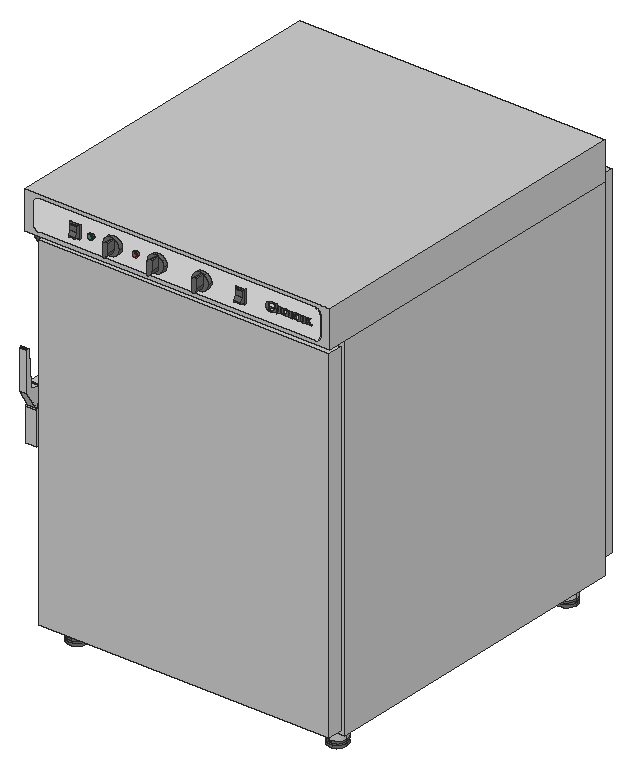
Revit family "QF_GIORIK_GR1021M_GR1021P", category Specialty Equipment, Revit 2014 (continued)
Automatic sketch dimensions
  Extrusion 42 sketch curve to Extrusion 42 sketch curve = 2.312 mm  (x2)
  Revolve 43 sketch curve to plane 8 "Front oven" = 0 mm  (x2)
  Revolve 43 sketch curve to plane 8 "Front oven" = 10.71 mm
  Revolve 43 sketch curve to Revolve 43 sketch curve = 0.186 mm
  Revolve 43 sketch curve to Revolve 43 sketch curve = 0.742 mm
  Revolve 43 sketch curve to Revolve 43 sketch curve = 3.081 mm
  Revolve 43 sketch curve to Revolve 43 sketch curve = 0.935 mm
  Revolve 43 sketch curve to Revolve 43 sketch curve = 8.362 mm
  plane 8 "Front oven" to Revolve 43 sketch curve = 46.511 mm
  Revolve 43 sketch curve to plane 6 "Top" = 125.457 mm
  Revolve 43 sketch curve to Revolve 43 sketch curve = 4.746 mm
  Revolve 43 sketch curve to Revolve 43 sketch curve = 8.097 mm
  Revolve 43 sketch curve to Revolve 43 sketch curve = 1.816 mm
  Revolve 43 sketch curve to Revolve 43 sketch curve = 0.564 mm
  Revolve 43 sketch curve to Revolve 43 sketch curve = 6.145 mm
  Revolve 43 sketch curve to Revolve 43 sketch curve = 0.19 mm
  Revolve 43 sketch curve to Revolve 43 sketch curve = 0 mm  (x2)
  Extrusion 44 sketch curve to plane 6 "Top" = 43.954 mm
  plane 4 "Right" to Extrusion 44 sketch curve = 332.796 mm
  Extrusion 44 sketch curve to Extrusion 44 sketch curve = 0.004 mm
  Extrusion 44 sketch curve to Extrusion 44 sketch curve = 6.312 mm  (x2)
  Extrusion 44 sketch curve to Extrusion 44 sketch curve = 1.783 mm
  Extrusion 44 sketch curve to Extrusion 44 sketch curve = 8.091 mm
  Extrusion 44 sketch curve to Extrusion 44 sketch curve = 2.709 mm  (x2)
  Extrusion 44 sketch curve to Extrusion 44 sketch curve = 6.281 mm
  Extrusion 44 sketch curve to Extrusion 44 sketch curve = 13.077 mm  (x2)
  Extrusion 45 sketch curve to plane 6 "Top" = 49.804 mm
  plane 4 "Right" to Extrusion 45 sketch curve = 340 mm
  plane 6 "Top" to Extrusion 46 sketch curve = 67.5 mm
  Extrusion 46 sketch curve to plane 4 "Right" = 250 mm
  Extrusion 46 sketch curve to Extrusion 46 sketch curve = 25 mm
  plane 6 "Top" to Extrusion 46 sketch curve = 32.5 mm
  Extrusion 47 sketch curve to plane 5 "Front" = 12.435 mm
  Extrusion 47 sketch curve to Extrusion 47 sketch curve = 1.813 mm
  Extrusion 47 sketch curve to plane 5 "Front" = 7 mm
  Extrusion 47 sketch curve to plane 5 "Front" = 3 mm
  Extrusion 47 sketch curve to plane 6 "Top" = 35.5 mm
  Extrusion 47 sketch curve to Extrusion 47 sketch curve = 14.5 mm
  Extrusion 47 sketch curve to Extrusion 47 sketch curve = 11.655 mm
  Extrusion 47 sketch curve to Extrusion 47 sketch curve = 0.845 mm
  Sweep 48 sketch curve to plane 1 "Back" = 615.54 mm
  plane 1 "Back" to Sweep 48 sketch curve = 155 mm
  plane 4 "Right" to Sweep 48 sketch curve = 175 mm
  plane 4 "Right" to Sweep 48 sketch curve = 380.045 mm
  Sweep 48 sketch curve to profile plane = 0 mm
  Sweep 48 sketch curve to plane 7 "Legs height" = 14 mm
  Sweep 49 sketch curve to plane 7 "Legs height" = 9.526 mm
  plane 7 "Legs height" to Sweep 49 sketch curve = 0.474 mm
  Sweep 49 sketch curve to Sweep 49 sketch curve = 10 mm
  Sweep 49 sketch curve to Sweep 49 sketch curve = 4 mm
  profile plane to Sweep 49 sketch curve = 4.474 mm
  profile plane to Sweep 49 sketch curve = 390 mm
  Sweep 50 sketch curve to plane 1 "Back" = 623.977 mm
  plane 4 "Right" to Sweep 50 sketch curve = 371.6 mm
  Sweep 50 sketch curve to Sweep 50 sketch curve = 27.406 mm
  Sweep 50 sketch curve to Sweep 50 sketch curve = 12.202 mm
  Sweep 50 sketch curve to profile plane = 0 mm
  Sweep 50 sketch curve to plane 7 "Legs height" = 14 mm
  plane 1 "Back" to Sweep 51 sketch curve = 89.938 mm
  Sweep 51 sketch curve to plane 6 "Top" = 55.782 mm
  Sweep 51 sketch curve to Sweep 51 sketch curve = 19.754 mm
  Sweep 51 sketch curve to Sweep 51 sketch curve = 3.129 mm
  Sweep 51 sketch curve to profile plane = 0 mm
  plane 3 "Left" to Sweep 51 sketch curve = 160 mm
  Extrusion 52 sketch curve to Extrusion 52 sketch curve = 0 mm  (x22)
  Extrusion 52 sketch curve to plane 6 "Top" = 44.5 mm
  plane 3 "Left" to Extrusion 52 sketch curve = 305 mm
  Extrusion 52 sketch curve to Extrusion 52 sketch curve = 2 mm  (x34)
  Extrusion 52 sketch curve to Extrusion 52 sketch curve = 1.474 mm
  Extrusion 52 sketch curve to Extrusion 52 sketch curve = 2.248 mm
  Extrusion 52 sketch curve to Extrusion 52 sketch curve = 2.335 mm  (x2)
  Extrusion 52 sketch curve to Extrusion 52 sketch curve = 1.658 mm  (x2)
  Extrusion 52 sketch curve to Extrusion 52 sketch curve = 2.455 mm
  Extrusion 52 sketch curve to Extrusion 52 sketch curve = 1.267 mm
  Extrusion 52 sketch curve to Extrusion 52 sketch curve = 2.654 mm
  Extrusion 52 sketch curve to plane 6 "Top" = 37.855 mm
  Extrusion 52 sketch curve to Extrusion 52 sketch curve = 2.67 mm
  Extrusion 52 sketch curve to plane 6 "Top" = 36.636 mm
  Extrusion 52 sketch curve to Extrusion 52 sketch curve = 1.218 mm
  Extrusion 52 sketch curve to Extrusion 52 sketch curve = 9.006 mm
  Extrusion 52 sketch curve to plane 6 "Top" = 41.986 mm
  Extrusion 52 sketch curve to Extrusion 52 sketch curve = 4.131 mm
  Extrusion 52 sketch curve to Extrusion 52 sketch curve = 0.927 mm
  Extrusion 52 sketch curve to Extrusion 52 sketch curve = 0.609 mm  (x2)
  Extrusion 52 sketch curve to plane 6 "Top" = 40.768 mm
  Extrusion 52 sketch curve to Extrusion 52 sketch curve = 2.659 mm  (x2)
  Extrusion 52 sketch curve to Extrusion 52 sketch curve = 6.643 mm
  Extrusion 52 sketch curve to Extrusion 52 sketch curve = 2.025 mm
  Extrusion 52 sketch curve to Extrusion 52 sketch curve = 18 mm  (x8)
  Extrusion 52 sketch curve to Extrusion 52 sketch curve = 2.349 mm
  Extrusion 52 sketch curve to Extrusion 52 sketch curve = 0.444 mm  (x2)
  Extrusion 52 sketch curve to plane 6 "Top" = 67.155 mm
  Extrusion 52 sketch curve to Extrusion 52 sketch curve = 2.311 mm
  Extrusion 52 sketch curve to Extrusion 52 sketch curve = 5.8 mm  (x2)
  Extrusion 52 sketch curve to plane 6 "Top" = 73.749 mm
  Extrusion 52 sketch curve to Extrusion 52 sketch curve = 1.282 mm
  Extrusion 52 sketch curve to Extrusion 52 sketch curve = 1.5 mm  (x4)
  Extrusion 52 sketch curve to Extrusion 52 sketch curve = 1.2 mm  (x2)
  Extrusion 52 sketch curve to plane 6 "Top" = 71.356 mm
  Extrusion 52 sketch curve to Extrusion 52 sketch curve = 1.035 mm  (x2)
  Extrusion 52 sketch curve to plane 6 "Top" = 72.138 mm
  Extrusion 52 sketch curve to Extrusion 52 sketch curve = 0.152 mm
  Extrusion 52 sketch curve to Extrusion 52 sketch curve = 0.177 mm
  Extrusion 52 sketch curve to Extrusion 52 sketch curve = 0.136 mm
  Extrusion 52 sketch curve to Extrusion 52 sketch curve = 2.103 mm
  Extrusion 52 sketch curve to plane 6 "Top" = 69.363 mm
  Extrusion 52 sketch curve to Extrusion 52 sketch curve = 0.174 mm
  Extrusion 52 sketch curve to plane 6 "Top" = 67.882 mm
  Extrusion 52 sketch curve to Extrusion 52 sketch curve = 0.195 mm
  Extrusion 52 sketch curve to Extrusion 52 sketch curve = 3.349 mm
  Extrusion 52 sketch curve to Extrusion 52 sketch curve = 1.151 mm
  Extrusion 52 sketch curve to Extrusion 52 sketch curve = 1.614 mm
  Extrusion 52 sketch curve to Extrusion 52 sketch curve = 5.293 mm
  Extrusion 52 sketch curve to Extrusion 52 sketch curve = 7 mm  (x3)
  Extrusion 52 sketch curve to plane 6 "Top" = 67.679 mm
  Extrusion 52 sketch curve to Extrusion 52 sketch curve = 3.443 mm
  Extrusion 52 sketch curve to plane 6 "Top" = 38.133 mm  (x2)
  Extrusion 52 sketch curve to Extrusion 52 sketch curve = 3.462 mm  (x2)
  Extrusion 52 sketch curve to plane 6 "Top" = 67.044 mm
  Extrusion 52 sketch curve to Extrusion 52 sketch curve = 0.552 mm
  Extrusion 52 sketch curve to plane 6 "Top" = 70.886 mm
  Extrusion 52 sketch curve to Extrusion 52 sketch curve = 1.681 mm
  Extrusion 52 sketch curve to plane 6 "Top" = 71.607 mm
  Extrusion 52 sketch curve to Extrusion 52 sketch curve = 0.433 mm
  Extrusion 52 sketch curve to plane 6 "Top" = 70.753 mm
  Extrusion 52 sketch curve to Extrusion 52 sketch curve = 0.689 mm
  Extrusion 52 sketch curve to Extrusion 52 sketch curve = 3.538 mm
  Extrusion 52 sketch curve to plane 6 "Top" = 31.429 mm
  Extrusion 52 sketch curve to plane 6 "Top" = 69.717 mm
  Extrusion 52 sketch curve to plane 6 "Top" = 70.297 mm
  Extrusion 52 sketch curve to Extrusion 52 sketch curve = 0.737 mm
  Extrusion 52 sketch curve to plane 6 "Top" = 71.549 mm
  Extrusion 52 sketch curve to Extrusion 52 sketch curve = 0.916 mm
  Extrusion 52 sketch curve to plane 6 "Top" = 68.041 mm
  Extrusion 52 sketch curve to Extrusion 52 sketch curve = 2.121 mm
  Extrusion 52 sketch curve to Extrusion 52 sketch curve = 4.142 mm
  Extrusion 52 sketch curve to Extrusion 52 sketch curve = 6.106 mm
  Extrusion 52 sketch curve to Extrusion 52 sketch curve = 16 mm  (x2)
  Extrusion 52 sketch curve to Extrusion 52 sketch curve = 3 mm  (x5)
  Extrusion 52 sketch curve to Extrusion 52 sketch curve = 4 mm  (x2)
  Extrusion 52 sketch curve to Extrusion 52 sketch curve = 6 mm  (x4)
  Extrusion 52 sketch curve to Extrusion 52 sketch curve = 2.25 mm  (x4)
  Extrusion 52 sketch curve to Extrusion 52 sketch curve = 6.25 mm  (x5)
  Extrusion 52 sketch curve to Extrusion 52 sketch curve = 26 mm
  Extrusion 52 sketch curve to Extrusion 52 sketch curve = 11 mm
  Extrusion 52 sketch curve to Extrusion 52 sketch curve = 4.5 mm  (x3)
  Extrusion 52 sketch curve to Extrusion 52 sketch curve = 9 mm
  Extrusion 52 sketch curve to Extrusion 52 sketch curve = 5 mm
  Extrusion 52 sketch curve to Extrusion 52 sketch curve = 1.1 mm
  Extrusion 52 sketch curve to Extrusion 52 sketch curve = 2.028 mm
  Extrusion 52 sketch curve to Extrusion 52 sketch curve = 2.46 mm  (x2)
  Extrusion 52 sketch curve to plane 6 "Top" = 69.626 mm
  Extrusion 52 sketch curve to Extrusion 52 sketch curve = 1.568 mm
  Extrusion 52 sketch curve to plane 6 "Top" = 64.8 mm
  Extrusion 52 sketch curve to Extrusion 52 sketch curve = 3.722 mm
  Extrusion 52 sketch curve to plane 6 "Top" = 65.707 mm
  Extrusion 52 sketch curve to Extrusion 52 sketch curve = 0.691 mm  (x2)
  Extrusion 52 sketch curve to Extrusion 52 sketch curve = 1.981 mm
  Extrusion 52 sketch curve to plane 6 "Top" = 67.766 mm
  Extrusion 52 sketch curve to Extrusion 52 sketch curve = 3.032 mm
  Extrusion 52 sketch curve to Extrusion 52 sketch curve = 5.967 mm
  Extrusion 52 sketch curve to Extrusion 52 sketch curve = 1.58 mm
  Extrusion 52 sketch curve to plane 6 "Top" = 73.635 mm
  Extrusion 52 sketch curve to Extrusion 52 sketch curve = 0.39 mm
  Extrusion 52 sketch curve to Extrusion 52 sketch curve = 1.354 mm
  Extrusion 52 sketch curve to Extrusion 52 sketch curve = 11.54 mm  (x2)
  Extrusion 52 sketch curve to Extrusion 52 sketch curve = 1.14 mm
  Extrusion 52 sketch curve to Extrusion 52 sketch curve = 1.208 mm
  Extrusion 52 sketch curve to Extrusion 52 sketch curve = 3.657 mm
  Extrusion 52 sketch curve to Extrusion 52 sketch curve = 1 mm  (x8)
  Extrusion 52 sketch curve to Extrusion 52 sketch curve = 0.5 mm  (x8)
  Extrusion 52 sketch curve to Extrusion 52 sketch curve = 1.176 mm
  Extrusion 52 sketch curve to Extrusion 52 sketch curve = 0.846 mm
  Extrusion 52 sketch curve to Extrusion 52 sketch curve = 5.487 mm  (x2)
  Extrusion 52 sketch curve to Extrusion 52 sketch curve = 0.513 mm  (x2)
  Extrusion 52 sketch curve to Extrusion 52 sketch curve = 6.953 mm
  Extrusion 52 sketch curve to Extrusion 52 sketch curve = 2.807 mm
  Extrusion 52 sketch curve to Extrusion 52 sketch curve = 2.849 mm
  Extrusion 52 sketch curve to Extrusion 52 sketch curve = 2.022 mm
  Extrusion 52 sketch curve to Extrusion 52 sketch curve = 2.064 mm
  Extrusion 52 sketch curve to Extrusion 52 sketch curve = 27.956 mm
  Extrusion 52 sketch curve to Extrusion 52 sketch curve = 5.218 mm
  Extrusion 52 sketch curve to Extrusion 52 sketch curve = 2.003 mm
  Extrusion 52 sketch curve to Extrusion 52 sketch curve = 2.865 mm
  Extrusion 52 sketch curve to Extrusion 52 sketch curve = 2.156 mm
  Extrusion 52 sketch curve to Extrusion 52 sketch curve = 2.544 mm  (x2)
  Extrusion 52 sketch curve to Extrusion 52 sketch curve = 5.393 mm
  Extrusion 52 sketch curve to Extrusion 52 sketch curve = 3.365 mm
  Extrusion 52 sketch curve to Extrusion 52 sketch curve = 3.251 mm
  Extrusion 52 sketch curve to Extrusion 52 sketch curve = 49.625 mm
  Extrusion 52 sketch curve to Extrusion 52 sketch curve = 0.7 mm
  Extrusion 52 sketch curve to Extrusion 52 sketch curve = 1.584 mm
  Extrusion 52 sketch curve to Extrusion 52 sketch curve = 2.649 mm  (x2)
  Extrusion 52 sketch curve to Extrusion 52 sketch curve = 1.063 mm
  Extrusion 52 sketch curve to Extrusion 52 sketch curve = 1.13 mm
  Extrusion 52 sketch curve to Extrusion 52 sketch curve = 0.283 mm
  Extrusion 52 sketch curve to Extrusion 52 sketch curve = 6.5 mm
  Extrusion 52 sketch curve to Extrusion 52 sketch curve = 2.302 mm
  Extrusion 52 sketch curve to Extrusion 52 sketch curve = 1.093 mm
  Extrusion 52 sketch curve to Extrusion 52 sketch curve = 1.391 mm
  Extrusion 52 sketch curve to Extrusion 52 sketch curve = 0.396 mm
  Extrusion 52 sketch curve to Extrusion 52 sketch curve = 0.255 mm
  Extrusion 52 sketch curve to Extrusion 52 sketch curve = 0.727 mm
  Extrusion 52 sketch curve to Extrusion 52 sketch curve = 2.242 mm
  Extrusion 52 sketch curve to Extrusion 52 sketch curve = 4.385 mm
  Extrusion 52 sketch curve to Extrusion 52 sketch curve = 1.021 mm
  Extrusion 52 sketch curve to Extrusion 52 sketch curve = 0.594 mm
  Extrusion 52 sketch curve to Extrusion 52 sketch curve = 1.094 mm
  Extrusion 52 sketch curve to Extrusion 52 sketch curve = 5.041 mm
  Extrusion 52 sketch curve to Extrusion 52 sketch curve = 4.746 mm
  Extrusion 52 sketch curve to Extrusion 52 sketch curve = 2.496 mm
  Extrusion 52 sketch curve to Extrusion 52 sketch curve = 13.798 mm  (x2)
  Extrusion 52 sketch curve to Extrusion 52 sketch curve = 8.367 mm
  Extrusion 52 sketch curve to Extrusion 52 sketch curve = 14.5 mm  (x3)
  Extrusion 52 sketch curve to Extrusion 52 sketch curve = 2.702 mm  (x3)
  Extrusion 52 sketch curve to Extrusion 52 sketch curve = 1.844 mm
  Extrusion 52 sketch curve to Extrusion 52 sketch curve = 2.5 mm  (x2)
  Extrusion 52 sketch curve to Extrusion 52 sketch curve = 1.254 mm  (x2)
  Extrusion 52 sketch curve to Extrusion 52 sketch curve = 1.867 mm
  Extrusion 52 sketch curve to Extrusion 52 sketch curve = 2.193 mm
  Extrusion 52 sketch curve to Extrusion 52 sketch curve = 2.344 mm
  Extrusion 52 sketch curve to Extrusion 52 sketch curve = 1.147 mm
  Extrusion 52 sketch curve to Extrusion 52 sketch curve = 3.002 mm
  Extrusion 52 sketch curve to Extrusion 52 sketch curve = 2.944 mm
  Extrusion 52 sketch curve to Extrusion 52 sketch curve = 5.807 mm
  Extrusion 52 sketch curve to Extrusion 52 sketch curve = 2.114 mm
  Extrusion 52 sketch curve to Extrusion 52 sketch curve = 11.5 mm  (x2)
  Extrusion 52 sketch curve to Extrusion 52 sketch curve = 6.136 mm
  Extrusion 52 sketch curve to Extrusion 52 sketch curve = 14 mm
  Extrusion 52 sketch curve to Extrusion 52 sketch curve = 0.929 mm
  plane 6 "Top" to Extrusion 52 sketch curve = 53.625 mm
  plane 6 "Top" to Extrusion 53 sketch curve = 67.5 mm
  Extrusion 53 sketch curve to plane 3 "Left" = 355 mm
  Extrusion 53 sketch curve to Extrusion 53 sketch curve = 25 mm
  plane 6 "Top" to Extrusion 53 sketch curve = 32.5 mm
  Extrusion 54 sketch curve to plane 5 "Front" = 12.435 mm
  Extrusion 54 sketch curve to Extrusion 54 sketch curve = 1.813 mm
  Extrusion 54 sketch curve to plane 5 "Front" = 7 mm
  Extrusion 54 sketch curve to plane 5 "Front" = 3 mm
  Extrusion 54 sketch curve to plane 6 "Top" = 35.5 mm
  Extrusion 54 sketch curve to Extrusion 54 sketch curve = 14.5 mm
  Extrusion 54 sketch curve to Extrusion 54 sketch curve = 11.655 mm
  Extrusion 54 sketch curve to Extrusion 54 sketch curve = 0.845 mm
  Extrusion 55 sketch curve to plane 6 "Top" = 25.5 mm  (x2)
  plane 3 "Left" to Extrusion 55 sketch curve = 286.5 mm
  Extrusion 55 sketch curve to Extrusion 55 sketch curve = 0 mm  (x5)
  Extrusion 55 sketch curve to Extrusion 55 sketch curve = 17 mm
  Extrusion 55 sketch curve to Extrusion 55 sketch curve = 36 mm  (x3)
  Extrusion 55 sketch curve to Extrusion 55 sketch curve = 19 mm
  Extrusion 55 sketch curve to Extrusion 55 sketch curve = 24.5 mm
  Extrusion 55 sketch curve to Extrusion 55 sketch curve = 40 mm
  Extrusion 55 sketch curve to Extrusion 55 sketch curve = 12.5 mm
  Extrusion 55 sketch curve to Extrusion 55 sketch curve = 31 mm
  Extrusion 55 sketch curve to plane 6 "Top" = 30.5 mm
  Extrusion 55 sketch curve to Extrusion 55 sketch curve = 5 mm  (x2)
  Extrusion 55 sketch curve to Extrusion 55 sketch curve = 14 mm
  Extrusion 55 sketch curve to Extrusion 55 sketch curve = 32.5 mm  (x2)
  Extrusion 55 sketch curve to Extrusion 55 sketch curve = 13.5 mm
  Extrusion 55 sketch curve to Extrusion 55 sketch curve = 22.5 mm
  Extrusion 55 sketch curve to Extrusion 55 sketch curve = 10 mm
  Extrusion 4 sketch curve to plane 4 "Right" = 0 mm
  Extrusion 4 sketch curve to plane 5 "Front" = 0 mm
  Extrusion 4 sketch curve to plane 5 "Front" = 15.001 mm
  Extrusion 4 sketch curve to Extrusion 4 sketch curve = 772.999 mm
  plane 4 "Right" to Extrusion 4 sketch curve = 8.505 mm
  plane 4 "Right" to Extrusion 4 sketch curve = 40 mm
  curve 45 to plane 5 "Front" = 0 mm
  curve 70 to plane 5 "Front" = 0 mm
  curve 16 to plane 5 "Front" = 0 mm
  curve 44 to plane 5 "Front" = 0 mm
  curve 18 to plane 5 "Front" = 0 mm
  curve 50 to plane 5 "Front" = 0 mm
  curve 19 to plane 5 "Front" = 0 mm
  curve 51 to plane 5 "Front" = 0 mm
  curve 42 to plane 5 "Front" = 0 mm
  curve 20 to plane 5 "Front" = 0 mm
  curve 38 to plane 5 "Front" = 0 mm
  curve 25 to plane 5 "Front" = 0 mm
  curve 26 to plane 5 "Front" = 0 mm
  curve 32 to plane 5 "Front" = 0 mm
  curve 56 to plane 5 "Front" = 0 mm
  curve 55 to plane 5 "Front" = 0 mm
  curve 31 to plane 5 "Front" = 0 mm
  plane 1 "Back" to curve 11 = 0 mm
  curve 55 to plane 5 "Front" = 3 mm
  curve 49 to plane 5 "Front" = 3 mm
  curve 19 to plane 5 "Front" = 3 mm
  curve 25 to plane 5 "Front" = 3 mm
  curve 52 to curve 53 = 3 mm
  curve 28 to curve 28 = 3 mm
  curve 32 to plane 5 "Front" = 10 mm
  curve 42 to plane 5 "Front" = 10 mm
  curve 43 to plane 5 "Front" = 10 mm
  curve 24 to curve 22 = 9.622 mm
  curve 58 to curve 58 = 9.622 mm
  curve 70 to plane 5 "Front" = 15.001 mm
  curve 41 to curve 41 = 20 mm
  curve 35 to curve 34 = 20 mm
  curve 48 to curve 48 = 20 mm
  curve 18 to plane 5 "Front" = 30 mm
  plane 3 "Left" to curve 13 = 26.271 mm
  plane 1 "Back" to curve 13 = 83.75 mm
  plane 4 "Right" to curve 63 = 30 mm
  plane 1 "Back" to curve 63 = 77 mm
  curve 62 to curve 62 = 22 mm
  curve 13 to curve 15 = 35.5 mm
  plane 4 "Right" to curve 70 = 8.505 mm
  plane 4 "Right" to curve 11 = 50 mm
  curve 70 to curve 55 = 216.495 mm
  curve 55 to curve 60 = 3 mm
  curve 59 to curve 59 = 19 mm
  curve 58 to curve 57 = 3 mm
  curve 56 to curve 45 = 67.5 mm
  curve 43 to curve 46 = 15.3 mm
  curve 46 to curve 46 = 14.4 mm
  curve 48 to curve 43 = 15.3 mm
  curve 43 to curve 42 = 75 mm
  curve 37 to curve 39 = 15.3 mm
  curve 39 to curve 41 = 14.4 mm
  curve 41 to curve 37 = 15.3 mm
  curve 38 to curve 51 = 30 mm
  curve 49 to curve 53 = 2 mm
  curve 52 to curve 54 = 11 mm
  curve 54 to curve 49 = 2 mm
  curve 49 to curve 31 = 30 mm
  curve 31 to curve 36 = 15.3 mm
  curve 35 to curve 34 = 14.4 mm
  curve 34 to curve 33 = 15.3 mm
  curve 32 to curve 26 = 30 mm
  curve 26 to curve 29 = 2 mm
  curve 29 to curve 28 = 11 mm
  curve 28 to curve 25 = 2 mm
  curve 25 to curve 20 = 22.5 mm
  curve 20 to curve 24 = 3 mm
  curve 23 to curve 24 = 19 mm
  curve 22 to curve 19 = 3 mm
  plane 3 "Left" to curve 10 = 50 mm
  plane 3 "Left" to curve 17 = 31 mm
  plane 3 "Left" to curve 16 = 11 mm
  plane 4 "Right" to curve 70 = 40 mm
  curve 70 to curve 70 = 772.999 mm
  curve 10 to curve 14 = 1.25 mm
  plane 1 "Back" to curve 64 = 85 mm
  curve 65 to curve 64 = 0 mm
  curve 12 to curve 63 = 8 mm
  curve 65 to curve 67 = 10.904 mm
  curve 65 to curve 67 = 14.815 mm
  curve 69 to curve 67 = 0 mm
  curve 68 to curve 69 = 0 mm
  curve 64 to curve 64 = 14.815 mm
  curve 65 to curve 68 = 0 mm
  curve 66 to curve 67 = 0 mm  (x2)
  curve 68 to curve 68 = 0.948 mm
  curve 64 to curve 69 = 1.648 mm
  curve 68 to curve 66 = 3.911 mm
  curve 64 to curve 14 = 135 mm
  curve 64 to curve 67 = 2.329 mm
  curve 68 to curve 69 = 0.746 mm
  radius of Extrusion 6 sketch curve = 11 mm
  radius of Extrusion 7 sketch curve = 7.5 mm
  radius of Extrusion 10 sketch curve = 25 mm
  radius of Extrusion 11 sketch curve = 25 mm
  radius of Extrusion 12 sketch curve = 23 mm
  radius of Extrusion 13 sketch curve = 25 mm
  radius of Extrusion 14 sketch curve = 25 mm
  radius of Extrusion 15 sketch curve = 25 mm
  radius of Extrusion 16 sketch curve = 23 mm
  radius of Extrusion 17 sketch curve = 25 mm
  radius of Extrusion 18 sketch curve = 25 mm
  radius of Extrusion 19 sketch curve = 25 mm
  radius of Extrusion 20 sketch curve = 23 mm
  radius of Extrusion 21 sketch curve = 25 mm
  radius of Extrusion 22 sketch curve = 25 mm
  radius of Extrusion 23 sketch curve = 25 mm
  radius of Extrusion 24 sketch curve = 23 mm
  radius of Extrusion 25 sketch curve = 25 mm
  radius of Extrusion 32 sketch curve = 22.5 mm
  radius of Extrusion 34 sketch curve = 22.5 mm
  radius of Extrusion 35 sketch curve = 5.5 mm
  radius of Extrusion 36 sketch curve = 7.5 mm
  radius of Extrusion 37 sketch curve = 5.5 mm
  radius of Extrusion 45 sketch curve = 22.5 mm
  radius of Sweep 48 sketch curve = 11 mm
  radius of Sweep 49 sketch curve = 11 mm
  radius of Sweep 50 sketch curve = 14 mm
  radius of Sweep 51 sketch curve = 25 mm
  radius of Extrusion 52 sketch curve = 1.5 mm  (x2)
  radius of Extrusion 52 sketch curve = 6 mm
  radius of Extrusion 52 sketch curve = 5.3 mm
  radius of Extrusion 55 sketch curve = 2 mm  (x11)
Connectors
  electrical at (26.271, -66, 549), driven by "Number of Poles", driven by "Volts", driven by "Apparent Power"
    settings: on Extrusion 40, index 5, voltage 400 V, apparent load 0 VA, apparent load phase1 15900 VA, apparent load phase2 0 VA, apparent load phase3 0 VA, power factor 1, load classification "Other", number of poles 3, system type 31, power factor state 1, is connector primary yes, connector utility no, sub classification motor no, connector description "Electrical connection"
  piping at (790, -66, 199), diameter 19.05, driven by "Cold Water Size"
    settings: on Extrusion 6, index 6, connector inside diameter 24", connector length 0 mm, flow factor 0, pipe flow 0.0 L/s, pressure drop 0.0 kPa, fitting loss kfactor 0, connector angle 0.00°, fixture units 0, engagement length 0 mm, angle of deflection 0.00°, flow configuration 1, flow direction 1, fitting loss method 0, system type 20, joint type 0, gender type 0, connector reference index -1, connector utility 0, adjustable connector no, is connector primary yes, connector description "Cold water inlet"
  piping at (645, -155, 46), diameter 19.05, driven by "Indirect Waste Size"
    settings: on Sweep 48, index 7, connector inside diameter 24", connector length 0 mm, flow factor 0, pipe flow 0.0 L/s, pressure drop 0.0 kPa, fitting loss kfactor 0, connector angle 0.00°, fixture units 0, engagement length 0 mm, angle of deflection 0.00°, flow configuration 1, flow direction 2, fitting loss method 0, system type 16, joint type 0, gender type 0, connector reference index -1, connector utility 0, adjustable connector no, is connector primary no, connector description "Drain"
Types (3, lengths in mm): name | Programmable electronic control | Mechanical control | Model | Description
  (no name) | no | yes | "GR1021M" | "REGENERATING OVEN 10 GN 2/1 - MECHANICAL VERSION"
  GR1021M | no | yes | "GR1021M" | "REGENERATING OVEN 10 GN 2/1 - MECHANICAL VERSION"
  GR1021P | yes | no | "GR1021P" | "HOLDING CABINET-REGENERATOR 10 GN 2/1  - PROGRAMMABLE ELECTRONIC VERSION"
